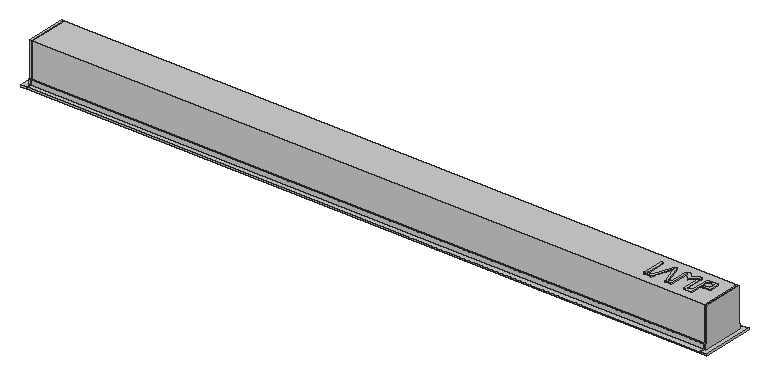
Revit family "LAMP_FIL 70 PRISMATIC RECESSED", category Luminarias, Revit 2015
Parameters (values of type "1162MM 2600LM 3000K GREY")
  Ángulo de inclinación = 90.00°
  Weight = 2.767 kg
  Wattage = 19.4 W
  UniClass 2.0 Descripción = ""
  UniClass 2.0 Code = Product code  # "F71RE120LOPR830NG\r\nF71RE120LOPR830NG"
  UniClass 1.4 Descripción = ""
  UniClass 1.4 Code = Product code  # "F71RE120LOPR830NG\r\nF71RE120LOPR830NG"
  Type = "MID POWER PHILIPS"
  Recessed dimensions = "1174 x 78 x 85 mm"
  built-in parameter 1150110 = 1 (stored number, unit not read)
  Protection rating = "IP42, IK06"
  Product datasheet = "https://www.lamp.es/product-files/TECH/F71RE120LOPR830NG-EN.pdf"
  Product code = "F71RE120LOPR830NG\r\nF71RE120LOPR830NG"
  Product URL = "https://www.lamp.es/en/family/fil-70_33399"
  Power Supply = "220-240V 50-60Hz"
  Power = 17 W
  Plum = 19.2 W
  Omniclass Descripción = ""
  OmniClass Code = ""
  NO COVER 2 [instance] = not(END COVER 2)  # no
  NO COVER 1 [instance] = not(END COVER 1)  # no
  Modelo = Product code  # "F71RE120LOPR830NG\r\nF71RE120LOPR830NG"
  Model explanation = "Availability of switching between accessories through visibility parameters when placed in a project."
  Material Perfil = LAMP_Aluminio Perfil Fil GR
  Material Difusor = LAMP_PC Difusor Prismático Fil
  Manufacturer name = "LAMP"
  Manufacturer country = "Spain"
  Manufacturer URL = "http://www.lamp.es/en"
  MacAdam = "3"
  Lámpara = "LED MID-POWER"
  Luminaire type = "Indoor - Modular System"
  Longitud = 1162.00 mm
  Last update = "14/08/2020"
  LED Lifetime = "50.000 L80 B10"
  Insulation class = "I"
  Installation instructions = "https://www.lamp.es/product-files/INS/1002960-J-INSTR.%20ESTRUCTURA%20FIL%2070.pdf"
  IFC Clasificación = "Light Fixture"
  IEE = "A+"
  Gear = "Electronic"
  Finish = "Gloss grey"
  built-in parameter 1114217 = 1 (stored number, unit not read)
  built-in parameter 1150109 = 1 (stored number, unit not read)
  Fabricante = Manufacturer name  # "LAMP"
  Efficacy = 114.4 lm/W
  END COVER 2 [instance] = yes
  END COVER 1 [instance] = yes
  Dimensions = "1162 x 89 x 70 mm"
  Descripción = "FIL 70 PRISM REC 2600 WW GR."
  Comentarios de tipo = Model explanation  # "Availability of switching between accessories through visibility parameters when placed in a project."
  built-in parameter 1150134 = (empty or 0)
  built-in parameter 1150113 = 1 (stored number, unit not read)
  Lumens = 2219.36 lm
  built-in parameter 1150115 = 1 (stored number, unit not read)
  built-in parameter 1150105 = 176.61 (stored number, unit not read)
  built-in parameter 1150137 = (empty or 0)
  built-in parameter 1150139 = (empty or 0)
  built-in parameter 1150112 = 1 (stored number, unit not read)
  built-in parameter 1150114 = 1 (stored number, unit not read)
  built-in parameter 1150132 = 2
  built-in parameter 1150102 = (empty or 0)
  built-in parameter 1150138 = (empty or 0)
  built-in parameter 1150107 = 3000 (stored number, unit not read)
  built-in parameter 1150106 = 1.7661 (stored number, unit not read)
  Emit from Line Length = Longitud  # 1162.00 mm
  built-in parameter 1150104 = 10.628 (stored number, unit not read)
  Dimming Lamp Color Temperature Shift = (empty or 0)
  Color Filter = 16777215
  built-in parameter 1114218 = 1 (stored number, unit not read)
  CRI = "80"
  CORNER 2 RIGHT [instance] = and(NO COVER 2, ACC CORNER 2, not(CORNER 2 LEFT))  # no
  CORNER 2 LEFT [instance] = and(NO COVER 2, ACC CORNER 2, CHANGE SIDE CORNER 2)  # no
  CORNER 1 RIGHT [instance] = and(NO COVER 1, ACC CORNER 1, not(CORNER 1 LEFT))  # no
  CORNER 1 LEFT [instance] = and(NO COVER 1, ACC CORNER 1, CHANGE SIDE CORNER 1)  # no
  CHANGE SIDE CORNER 2 [instance] = no
  CHANGE SIDE CORNER 1 [instance] = no
  Archivo de red fotométrica = "14741703.IES"
  ACC CORNER 2 [instance] = no
  ACC CORNER 1 [instance] = no
  built-in parameter 1150133 = 10 (stored number, unit not read)
Types (17, lengths in mm): name | Weight | Wattage | UniClass 2.0 Code | UniClass 1.4 Code | Recessed dimensions | Product datasheet | Product code | Power | Plum | Modelo | Material Perfil | Longitud | Finish | Efficacy | Dimensions | Descripción | built-in parameter 1150134 | Lumens | built-in parameter 1150105 | built-in parameter 1150107 | built-in parameter 1150106 | Emit from Line Length | built-in parameter 1150104 | Archivo de red fotométrica
  (no name) | 2.767 kg | 19.4 W | "F71RE120LOPR830NG\r\nF71RE120LOPR830NG" | "F71RE120LOPR830NG\r\nF71RE120LOPR830NG" | "1174 x 78 x 85 mm" | "https://www.lamp.es/product-files/TECH/F71RE120LOPR830NG-EN.pdf" | "F71RE120LOPR830NG\r\nF71RE120LOPR830NG" | 17 W | 19.2 W | "F71RE120LOPR830NG\r\nF71RE120LOPR830NG" | LAMP_Aluminio Perfil Fil GR | 1162.00 | "Gloss grey" | 114.4 lm/W | "1162 x 89 x 70 mm" | "FIL 70 PRISM REC 2600 WW GR." | (empty or 0) | 2219.36 lm | 176.61 (stored number, unit not read) | 3000 (stored number, unit not read) | 1.7661 (stored number, unit not read) | 1162.00 | 10.628 (stored number, unit not read) | "14741703.IES"
  1162MM 2600LM 3000K WHITE | 2.767 kg | 19.4 W | "F71RE120LOPR830NW" | "F71RE120LOPR830NW" | "1174 x 78 x 85 mm" | "https://www.lamp.es/product-files/TECH/F71RE120LOPR830NW-EN.pdf" | "F71RE120LOPR830NW" | 17 W | 19.2 W | "F71RE120LOPR830NW" | LAMP_Aluminio Perfil Fil BL | 1162.00 | "Matt white" | 114.4 lm/W | "1162 x 89 x 70 mm" | "FIL 70 PRISM REC 2600 WW WH." | (empty or 0) | 2219.36 lm | 176.61 (stored number, unit not read) | 3000 (stored number, unit not read) | 1.7661 (stored number, unit not read) | 1162.00 | 10.628 (stored number, unit not read) | "14741700.IES"
  1162MM 2600LM 3000K GREY | 2.767 kg | 19.4 W | "F71RE120LOPR830NG\r\nF71RE120LOPR830NG" | "F71RE120LOPR830NG\r\nF71RE120LOPR830NG" | "1174 x 78 x 85 mm" | "https://www.lamp.es/product-files/TECH/F71RE120LOPR830NG-EN.pdf" | "F71RE120LOPR830NG\r\nF71RE120LOPR830NG" | 17 W | 19.2 W | "F71RE120LOPR830NG\r\nF71RE120LOPR830NG" | LAMP_Aluminio Perfil Fil GR | 1162.00 | "Gloss grey" | 114.4 lm/W | "1162 x 89 x 70 mm" | "FIL 70 PRISM REC 2600 WW GR." | (empty or 0) | 2219.36 lm | 176.61 (stored number, unit not read) | 3000 (stored number, unit not read) | 1.7661 (stored number, unit not read) | 1162.00 | 10.628 (stored number, unit not read) | "14741703.IES"
  1162MM 2600LM 4000K WHITE | 2.767 kg | 19.4 W | "F71RE120LOPR840NW" | "F71RE120LOPR840NW" | "1174 x 78 x 85 mm" | "https://www.lamp.es/product-files/TECH/F71RE120LOPR840NW-EN.pdf" | "F71RE120LOPR840NW" | 17 W | 19.2 W | "F71RE120LOPR840NW" | LAMP_Aluminio Perfil Fil BL | 1162.00 | "Matt white" | 118.6 lm/W | "1162 x 89 x 70 mm" | "FIL 70 OPAL REC 2600 NW WH." | 12 | 2300.84 lm | 183.1 (stored number, unit not read) | 4000 (stored number, unit not read) | 1.831 (stored number, unit not read) | 1162.00 | 11.018 (stored number, unit not read) | "14740700.IES"
  1162MM 2600LM 4000K GREY | 2.767 kg | 19.4 W | "F71RE120LOPR840NG" | "F71RE120LOPR840NG" | "1174 x 78 x 85 mm" | "https://www.lamp.es/product-files/TECH/F71RE120LOPR840NG-EN.pdf" | "F71RE120LOPR840NG" | 17 W | 19.2 W | "F71RE120LOPR840NG" | LAMP_Aluminio Perfil Fil GR | 1162.00 | "Gloss grey" | 118.6 lm/W | "1162 x 89 x 70 mm" | "FIL 70 PRISM REC 2600 NW GR." | 12 | 2300.84 lm | 183.1 (stored number, unit not read) | 4000 (stored number, unit not read) | 1.831 (stored number, unit not read) | 1162.00 | 11.018 (stored number, unit not read) | "14740703.IES"
  1162MM 4400LM 3000K WHITE | 2.767 kg | 29.9 W | "F71RE120HOPR830NW" | "F71RE120HOPR830NW" | "1174 x 78 x 85 mm" | "https://www.lamp.es/product-files/TECH/F71RE120HOPR830NW-EN.pdf" | "F71RE120HOPR830NW" | 28 W | 30.7 W | "F71RE120HOPR830NW" | LAMP_Aluminio Perfil Fil BL | 1162.00 | "Matt white" | 117.3 lm/W | "1162 x 89 x 70 mm" | "FIL 70 PRISM REC 4400 WW WH." | (empty or 0) | 3507.27 lm | 279.1 (stored number, unit not read) | 3000 (stored number, unit not read) | 2.791 (stored number, unit not read) | 1162.00 | 10.898 (stored number, unit not read) | "14741710.IES"
  1162MM 4400LM 3000K GREY | 2.767 kg | 29.9 W | "F71RE120HOPR830NG" | "F71RE120HOPR830NG" | "1174 x 78 x 85 mm" | "https://www.lamp.es/product-files/TECH/F71RE120HOPR830NG-EN.pdf" | "F71RE120HOPR830NG" | 28 W | 30.7 W | "F71RE120HOPR830NG" | LAMP_Aluminio Perfil Fil GR | 1162.00 | "Gloss grey" | 117.3 lm/W | "1162 x 89 x 70 mm" | "FIL 70 PRISM REC 4400 WW GR." | (empty or 0) | 3507.27 lm | 279.1 (stored number, unit not read) | 3000 (stored number, unit not read) | 2.791 (stored number, unit not read) | 1162.00 | 10.898 (stored number, unit not read) | "14741713.IES"
  1162MM 4400LM 4000K WHITE | 2.767 kg | 29.9 W | "F71RE120HOPR840NW" | "F71RE120HOPR840NW" | "1174 x 78 x 85 mm" | "https://www.lamp.es/product-files/TECH/F71RE120HOPR840NW-EN.pdf" | "F71RE120HOPR840NW" | 28 W | 30.7 W | "F71RE120HOPR840NW" | LAMP_Aluminio Perfil Fil BL | 1162.00 | "Matt white" | 121.6 lm/W | "1162 x 89 x 70 mm" | "FIL 70 PRISM REC 4400 NW WH." | 12 | 3635.84 lm | 289.33 (stored number, unit not read) | 4000 (stored number, unit not read) | 2.8933 (stored number, unit not read) | 1162.00 | 11.297 (stored number, unit not read) | "14740710.IES"
  1162MM 4400LM 4000K GREY | 2.767 kg | 29.9 W | "F71RE120HOPR840NG" | "F71RE120HOPR840NG" | "1174 x 78 x 85 mm" | "https://www.lamp.es/product-files/TECH/F71RE120HOPR840NG-EN.pdf" | "F71RE120HOPR840NG" | 28 W | 30.7 W | "F71RE120HOPR840NG" | LAMP_Aluminio Perfil Fil GR | 1162.00 | "Gloss grey" | 121.6 lm/W | "1162 x 89 x 70 mm" | "FIL 70 PRISM REC 4400 NW GR." | 12 | 3635.84 lm | 289.33 (stored number, unit not read) | 4000 (stored number, unit not read) | 2.8933 (stored number, unit not read) | 1162.00 | 11.297 (stored number, unit not read) | "14740713.IES"
  1743MM 3900LM 3000K WHITE | 4.426 kg | 26.8 W | "F71RE170LOPR830NW" | "F71RE170LOPR830NW" | "1755 x 78 x 85 mm" | "https://www.lamp.es/product-files/TECH/F71RE170LOPR830NW-EN.pdf" | "F71RE170LOPR830NW" | 25 W | 29.7 W | "F71RE170LOPR830NW" | LAMP_Aluminio Perfil Fil BL | 1743.00 | "Matt white" | 124.2 lm/W | "1743 x 89 x 70 mm" | "FIL 70 PRISM REC 3900 WW WH." | (empty or 0) | 3328.56 lm | 264.88 (stored number, unit not read) | 3000 (stored number, unit not read) | 2.6488 (stored number, unit not read) | 1743.00 | 11.539 (stored number, unit not read) | "14741720.IES"
  1743MM 3900LM 3000K GREY | 4.426 kg | 26.8 W | "F71RE170LOPR830NG" | "F71RE170LOPR830NG" | "1755 x 78 x 85 mm" | "https://www.lamp.es/product-files/TECH/F71RE170LOPR830NG-EN.pdf" | "F71RE170LOPR830NG" | 25 W | 29.7 W | "F71RE170LOPR830NG" | LAMP_Aluminio Perfil Fil GR | 1743.00 | "Gloss grey" | 124.2 lm/W | "1743 x 89 x 70 mm" | "FIL 70 PRISM REC 3900 WW GR." | (empty or 0) | 3328.56 lm | 264.88 (stored number, unit not read) | 3000 (stored number, unit not read) | 2.6488 (stored number, unit not read) | 1743.00 | 11.539 (stored number, unit not read) | "14741723.IES"
  1743MM 3900LM 4000K WHITE | 4.426 kg | 26.8 W | "F71RE170LOPR840NW" | "F71RE170LOPR840NW" | "1755 x 78 x 85 mm" | "https://www.lamp.es/product-files/TECH/F71RE170LOPR840NW-EN.pdf" | "F71RE170LOPR840NW" | 25 W | 29.7 W | "F71RE170LOPR840NW" | LAMP_Aluminio Perfil Fil BL | 1743.00 | "Matt white" | 128.7 lm/W | "1743 x 89 x 70 mm" | "FIL 70 PRISM REC 3900 NW WH." | 12 | 3449.16 lm | 274.48 (stored number, unit not read) | 4000 (stored number, unit not read) | 2.7448 (stored number, unit not read) | 1743.00 | 11.957 (stored number, unit not read) | "14740720.IES"
  1743MM 3900LM 4000K GREY | 4.426 kg | 29.9 W | "F71RE170LOPR840NG" | "F71RE170LOPR840NG" | "1755 x 78 x 85 mm" | "https://www.lamp.es/product-files/TECH/F71RE170LOPR830NW-EN.pdf" | "F71RE170LOPR840NG" | 25 W | 29.7 W | "F71RE170LOPR840NG" | LAMP_Aluminio Perfil Fil GR | 1743.00 | "Gloss grey" | 128.7 lm/W | "1743 x 89 x 70 mm" | "FIL 70 PRISM REC 3900 NW GR." | 12 | 3848.13 lm | 306.22 (stored number, unit not read) | 4000 (stored number, unit not read) | 3.0622 (stored number, unit not read) | 1743.00 | 11.957 (stored number, unit not read) | "14740723.IES"
  1743MM 6600LM 3000K WHITE | 4.426 kg | 42.8 W | "F71RE170HOPR830NW" | "F71RE170HOPR830NW" | "1755 x 78 x 85 mm" | "https://www.lamp.es/product-files/TECH/F71RE170HOPR830NW-EN.pdf" | "F71RE170HOPR830NW" | 41 W | 45.8 W | "F71RE170HOPR830NW" | LAMP_Aluminio Perfil Fil BL | 1743.00 | "Matt white" | 122.9 lm/W | "1743 x 89 x 70 mm" | "FIL 70 PRISM REC 6600 WW WH." | (empty or 0) | 5260.12 lm | 418.59 (stored number, unit not read) | 3000 (stored number, unit not read) | 4.1859 (stored number, unit not read) | 1743.00 | 11.418 (stored number, unit not read) | "14741730.IES"
  1743MM 6600LM 3000K GREY | 4.426 kg | 42.8 W | "F71RE170HOPR830NG" | "F71RE170HOPR830NG" | "1755 x 78 x 85 mm" | "https://www.lamp.es/product-files/TECH/F71RE170HOPR830NG-EN.pdf" | "F71RE170HOPR830NG" | 41 W | 45.8 W | "F71RE170HOPR830NG" | LAMP_Aluminio Perfil Fil GR | 1743.00 | "Gloss grey" | 122.9 lm/W | "1743 x 89 x 70 mm" | "FIL 70 PRISM REC 6600 WW GR." | (empty or 0) | 5260.12 lm | 418.59 (stored number, unit not read) | 3000 (stored number, unit not read) | 4.1859 (stored number, unit not read) | 1743.00 | 11.418 (stored number, unit not read) | "14741733.IES"
  1743MM 6600LM 4000K WHITE | 4.426 kg | 42.8 W | "F71RE170HOPR840NW" | "F71RE170HOPR840NW" | "1755 x 78 x 85 mm" | "https://www.lamp.es/product-files/TECH/F71RE170HOPR840NW-EN.pdf" | "F71RE170HOPR840NW" | 41 W | 45.8 W | "F71RE170HOPR840NW" | LAMP_Aluminio Perfil Fil BL | 1743.00 | "Matt white" | 127.4 lm/W | "1743 x 89 x 70 mm" | "FIL 70 PRISM REC 6600 NW WH." | 12 | 5452.72 lm | 433.91 (stored number, unit not read) | 4000 (stored number, unit not read) | 4.3391 (stored number, unit not read) | 1743.00 | 11.836 (stored number, unit not read) | "14740730.IES"
  1743MM 6600LM 4000K GREY | 4.426 kg | 42.8 W | "F71RE170HOPR840NG" | "F71RE170HOPR840NG" | "1755 x 78 x 85 mm" | "https://www.lamp.es/product-files/TECH/F71RE170HOPR840NG-EN.pdf" | "F71RE170HOPR840NG" | 41 W | 45.8 W | "F71RE170HOPR840NG" | LAMP_Aluminio Perfil Fil GR | 1743.00 | "Gloss grey" | 127.4 lm/W | "1743 x 89 x 70 mm" | "FIL 70 PRISM REC 6600 NW GR." | 12 | 5452.72 lm | 433.91 (stored number, unit not read) | 4000 (stored number, unit not read) | 4.3391 (stored number, unit not read) | 1743.00 | 11.836 (stored number, unit not read) | "14740733.IES"
Reference planes
  plane 1 "Eje de origen de luz (F/P)": y = 0
  plane 2 "Techo": z = 2438.4
  plane 3 "Eje de origen de luz (I/D)": x = 0
  plane 4 "Elevación de origen de luz": z = 2438.398
  plane 5: x = 1162
  plane 6: z = 2398.4
  plane 7 "Centro origen de luz": x = 581
Forms (mm)
  Extrusion 1, solid, material "LAMP_Aluminio Perfil Fil GR" <- "Material Perfil"
    sketch origin (0, 0, 200.882) x (0, 1, 0) y (0, 0, 1)
      loop
        line (45, 2237.518) -> (36.5, 2237.518) -> (36.5, 2245.533) -> (35, 2246.469) -> (35, 2305.033) -> (-35, 2305.033) -> (-35, 2246.469) -> (-36.5, 2245.533) -> (-36.5, 2237.518) -> (-45, 2237.518) -> (-45, 2235.033) -> (-34.402, 2235.033) -> (-34.402, 2237.518) -> (34.396, 2237.518) -> (34.396, 2235.033) -> (45, 2235.033) -> (45, 2237.518)
    from 0 to 1162
  Extrusion 2, solid, material "LAMP_PC Difusor Prismático Fil" <- "Material Difusor"
    sketch origin (0, 0, 198.4) x (0, 1, 0) y (0, 0, 1)
      loop
        line (-34.402, 2240) -> (-34.402, 2237.516) -> (34.396, 2237.516) -> (34.396, 2240) -> (-34.402, 2240)
    from 0 to 1162
  Extrusion 3, solid, material "LAMP_Aluminio Perfil Fil GR" <- "Material Perfil"
    sketch origin (15.008, 0, 2441.098) x (0, -1, 0) y (1, 0, 0)
      loop
        arc (17.275, 1028.459) -> (18.554, 1028.989) -> (19.083, 1030.268) r 1.808
        line (19.083, 1030.268) -> (19.083, 1041.281)
        arc (19.083, 1041.281) -> (18.734, 1042.373) -> (17.815, 1043.058) r 1.88
        line (17.815, 1043.058) -> (-14.196, 1054.073) -> (17.64, 1065.027)
        arc (17.64, 1065.027) -> (18.502, 1065.671) -> (18.83, 1066.695) r 1.764
        line (18.83, 1066.695) -> (18.83, 1074.628)
        arc (18.83, 1074.628) -> (18.312, 1075.878) -> (17.062, 1076.396) r 1.768
        line (17.062, 1076.396) -> (-14.398, 1076.396) -> (-4.438, 1086.355) -> (-14.398, 1096.315) -> (17.367, 1096.315)
        arc (17.367, 1096.315) -> (18.58, 1096.818) -> (19.083, 1098.032) r 1.717
        line (19.083, 1098.032) -> (19.083, 1110.348)
        arc (19.083, 1110.348) -> (18.539, 1111.662) -> (17.225, 1112.206) r 1.858
        line (17.225, 1112.206) -> (-12.857, 1112.206)
        arc (-12.857, 1112.206) -> (-14.127, 1112.732) -> (-14.653, 1114.002) r 1.796
        line (-14.653, 1114.002) -> (-14.653, 1122.357)
        arc (-14.653, 1122.357) -> (-14.111, 1123.664) -> (-12.803, 1124.206) r 1.849
        line (-12.803, 1124.206) -> (-6.491, 1124.206)
        arc (-6.491, 1124.206) -> (-5.191, 1123.668) -> (-4.653, 1122.368) r 1.838
        line (-4.653, 1122.368) -> (-4.653, 1114.675)
        arc (-4.653, 1114.675) -> (-2.653, 1112.675) -> (-0.653, 1114.675) r 2
        line (-0.653, 1114.675) -> (-0.653, 1126.413)
        arc (-0.653, 1126.413) -> (-1.178, 1127.681) -> (-2.446, 1128.206) r 1.793
        line (-2.446, 1128.206) -> (-16.771, 1128.206)
        arc (-16.771, 1128.206) -> (-18.102, 1127.655) -> (-18.653, 1126.324) r 1.882
        line (-18.653, 1126.324) -> (-18.653, 1110.064)
        arc (-18.653, 1110.064) -> (-18.109, 1108.75) -> (-16.795, 1108.206) r 1.858
        line (-16.795, 1108.206) -> (13.276, 1108.206)
        arc (13.276, 1108.206) -> (14.59, 1107.662) -> (15.135, 1106.347) r 1.859
        line (15.135, 1106.347) -> (15.135, 1102.233)
        arc (15.135, 1102.233) -> (14.593, 1100.926) -> (13.286, 1100.384) r 1.849
        line (13.286, 1100.384) -> (-14.97, 1100.384)
        arc (-14.97, 1100.384) -> (-19.003, 1097.483) -> (-17.533, 1092.737) r 4.253
        line (-17.533, 1092.737) -> (-11.151, 1086.355) -> (-17.533, 1079.973)
        arc (-17.533, 1079.973) -> (-19.003, 1075.228) -> (-14.97, 1072.326) r 4.253
        line (-14.97, 1072.326) -> (12.834, 1072.326)
        arc (12.834, 1072.326) -> (15.098, 1070.41) -> (13.581, 1067.861) r 2.295
        line (13.581, 1067.861) -> (-16.097, 1057.655)
        arc (-16.097, 1057.655) -> (-18.653, 1054.073) -> (-16.097, 1050.491) r 3.788
        line (-16.097, 1050.491) -> (13.877, 1040.183)
        arc (13.877, 1040.183) -> (14.788, 1039.503) -> (15.135, 1038.42) r 1.864
        line (15.135, 1038.42) -> (15.135, 1034.236)
        arc (15.135, 1034.236) -> (14.614, 1032.98) -> (13.358, 1032.459) r 1.777
        line (13.358, 1032.459) -> (-16.865, 1032.459)
        arc (-16.865, 1032.459) -> (-18.865, 1030.459) -> (-16.865, 1028.459) r 2
        line (-16.865, 1028.459) -> (17.275, 1028.459)
    from 64.818 to 65.82
Text (mm)
  text "Any modification of the parameters and properties of the LAMP BIM models must be executed and validated by the LAMP technical department.\n\nPhone: +34 93 736 68 00\n\nE-mail: lamp@lamp.es\n\n\n\nLAMP reserves the right to modify the technical specifications of its products." at (1415.159, -174.484, 2000.868), in view "Preview"
Dimensions and locks
  equal spacing: host sketch curve, plane 3 "Eje de origen de luz (I/D)", host sketch curve
  equal spacing: host sketch curve, plane 1 "Eje de origen de luz (F/P)", host sketch curve
  host sketch curve to host sketch curve = 3952.00 mm
  host sketch curve to host sketch curve = 3048.00 mm
  "Longitud": plane 3 "Eje de origen de luz (I/D)" to plane 5
  Extrusion 2 sketch curve to imposter light = 0.002 mm
  locked: plane 2 "Techo" to plane 6 at 40
  equal spacing: plane 3 "Eje de origen de luz (I/D)", plane 7 "Centro origen de luz", plane 5
  aligned and locked: plane 1 "Eje de origen de luz (F/P)" to imposter light
  aligned and locked: plane 4 "Elevación de origen de luz" to imposter light
  aligned and locked: plane 5 to Extrusion 2
  aligned and locked: plane 5 to Extrusion 1
  aligned and locked: Extrusion 2 to plane 3 "Eje de origen de luz (I/D)"
  aligned and locked: Extrusion 1 to plane 3 "Eje de origen de luz (I/D)"
  aligned and locked: imposter light to plane 7 "Centro origen de luz"
  aligned and locked: Extrusion 2 to Extrusion 1  (x2)
  aligned and locked: plane 3 "Eje de origen de luz (I/D)" to nested 2
  aligned and locked: plane 5 to nested 1
  aligned and locked: plane 5 to nested 3
  aligned and locked: plane 3 "Eje de origen de luz (I/D)" to nested 4
  aligned and locked: nested 5 to plane 5
  aligned and locked: nested 6 to plane 3 "Eje de origen de luz (I/D)"
  aligned and locked: Extrusion 3 to Extrusion 1
Automatic sketch dimensions
  Extrusion 1 sketch curve to plane 2 "Techo" = 0.00 mm  (x3)
  plane 4 "Elevación de origen de luz" to Extrusion 1 sketch curve = 2.482 mm  (x2)
  plane 1 "Eje de origen de luz (F/P)" to Extrusion 1 sketch curve = 45.00 mm
  plane 2 "Techo" to Extrusion 1 sketch curve = 8.016 mm  (x2)
  Extrusion 1 sketch curve to Extrusion 1 sketch curve = 8.50 mm  (x2)
  plane 2 "Techo" to Extrusion 1 sketch curve = 8.952 mm
  Extrusion 1 sketch curve to Extrusion 1 sketch curve = 1.50 mm
  Extrusion 1 sketch curve to Extrusion 1 sketch curve = 2.098 mm
  Extrusion 1 sketch curve to plane 1 "Eje de origen de luz (F/P)" = 34.396 mm
  Extrusion 1 sketch curve to Extrusion 1 sketch curve = 0.604 mm
  Extrusion 1 sketch curve to Extrusion 1 sketch curve = 2.104 mm
  Extrusion 1 sketch curve to Extrusion 1 sketch curve = 0.936 mm
  Extrusion 1 sketch curve to Extrusion 1 sketch curve = 58.564 mm
  plane 4 "Elevación de origen de luz" to Extrusion 2 sketch curve = 2.482 mm
  plane 1 "Eje de origen de luz (F/P)" to Extrusion 2 sketch curve = 34.402 mm
  Extrusion 2 sketch curve to plane 1 "Eje de origen de luz (F/P)" = 34.396 mm
  Extrusion 3 sketch curve to plane 1 "Eje de origen de luz (F/P)" = 18.653 mm
  Extrusion 3 sketch curve to Extrusion 3 sketch curve = 1.119 mm
  Extrusion 3 sketch curve to Extrusion 3 sketch curve = 0.00 mm  (x4)
  Extrusion 3 sketch curve to plane 1 "Eje de origen de luz (F/P)" = 16.865 mm
  Extrusion 3 sketch curve to Extrusion 3 sketch curve = 1.858 mm  (x2)
  Extrusion 3 sketch curve to Extrusion 3 sketch curve = 1.882 mm
  Extrusion 3 sketch curve to plane 1 "Eje de origen de luz (F/P)" = 16.097 mm
  Extrusion 3 sketch curve to Extrusion 3 sketch curve = 1.824 mm
  Extrusion 3 sketch curve to Extrusion 3 sketch curve = 2.563 mm
  Extrusion 3 sketch curve to Extrusion 3 sketch curve = 1.232 mm
  Extrusion 3 sketch curve to Extrusion 3 sketch curve = 2.118 mm  (x2)
  Extrusion 3 sketch curve to Extrusion 3 sketch curve = 0.572 mm  (x2)
  Extrusion 3 sketch curve to Extrusion 3 sketch curve = 0.669 mm
  Extrusion 3 sketch curve to Extrusion 3 sketch curve = 1.796 mm
  Extrusion 3 sketch curve to Extrusion 3 sketch curve = 1.849 mm  (x2)
  Extrusion 3 sketch curve to Extrusion 3 sketch curve = 6.382 mm  (x2)
  Extrusion 3 sketch curve to Extrusion 3 sketch curve = 6.313 mm
  Extrusion 3 sketch curve to plane 1 "Eje de origen de luz (F/P)" = 4.653 mm
  Extrusion 3 sketch curve to plane 1 "Eje de origen de luz (F/P)" = 4.438 mm
  Extrusion 3 sketch curve to Extrusion 3 sketch curve = 2.00 mm  (x2)
  Extrusion 3 sketch curve to Extrusion 3 sketch curve = 1.793 mm
  plane 1 "Eje de origen de luz (F/P)" to Extrusion 3 sketch curve = 12.834 mm
  plane 1 "Eje de origen de luz (F/P)" to Extrusion 3 sketch curve = 13.27 mm
  plane 1 "Eje de origen de luz (F/P)" to Extrusion 3 sketch curve = 13.276 mm
  Extrusion 3 sketch curve to Extrusion 3 sketch curve = 0.01 mm
  Extrusion 3 sketch curve to Extrusion 3 sketch curve = 0.087 mm
  Extrusion 3 sketch curve to Extrusion 3 sketch curve = 0.746 mm
  Extrusion 3 sketch curve to Extrusion 3 sketch curve = 0.606 mm
  Extrusion 3 sketch curve to Extrusion 3 sketch curve = 1.777 mm
  Extrusion 3 sketch curve to Extrusion 3 sketch curve = 4.228 mm
  Extrusion 3 sketch curve to Extrusion 3 sketch curve = 3.485 mm
  Extrusion 3 sketch curve to Extrusion 3 sketch curve = 3.327 mm
  Extrusion 3 sketch curve to Extrusion 3 sketch curve = 3.949 mm
  Extrusion 3 sketch curve to Extrusion 3 sketch curve = 3.917 mm
  Extrusion 3 sketch curve to Extrusion 3 sketch curve = 4.08 mm
  Extrusion 3 sketch curve to Extrusion 3 sketch curve = 0.574 mm
  Extrusion 3 sketch curve to Extrusion 3 sketch curve = 0.612 mm
  Extrusion 3 sketch curve to Extrusion 3 sketch curve = 1.764 mm
  Extrusion 3 sketch curve to Extrusion 3 sketch curve = 1.88 mm
  Extrusion 3 sketch curve to plane 5 = 118.532 mm
  Extrusion 3 sketch curve to Extrusion 3 sketch curve = 4.184 mm
  Extrusion 3 sketch curve to Extrusion 3 sketch curve = 2.861 mm
  Extrusion 3 sketch curve to Extrusion 3 sketch curve = 18.032 mm
  Extrusion 3 sketch curve to Extrusion 3 sketch curve = 3.582 mm
  Extrusion 3 sketch curve to Extrusion 3 sketch curve = 21.969 mm
  Extrusion 3 sketch curve to Extrusion 3 sketch curve = 1.166 mm
  Extrusion 3 sketch curve to Extrusion 3 sketch curve = 2.17 mm
  Extrusion 3 sketch curve to Extrusion 3 sketch curve = 2.302 mm
  Extrusion 3 sketch curve to Extrusion 3 sketch curve = 0.184 mm  (x2)
  Extrusion 3 sketch curve to Extrusion 3 sketch curve = 4.114 mm
  Extrusion 3 sketch curve to Extrusion 3 sketch curve = 2.142 mm
  Extrusion 3 sketch curve to Extrusion 3 sketch curve = 0.673 mm
  Extrusion 3 sketch curve to Extrusion 3 sketch curve = 8.355 mm
Nested families
  nested 1: "LAMP_FIL + ACC END COVER RECESSED" at (1162, 0, 2435.916), Material <- "Material Perfil", visible <- "END COVER 1", type "GREY"
    with Material LAMP_Aluminio Perfil Fil GR
  nested 2: "LAMP_FIL + ACC END COVER RECESSED" at (0, 0, 2435.916) x (-1, 0, 0) z (0, 0, 1), Material <- "Material Perfil", visible <- "END COVER 2", type "GREY"
    with Material LAMP_Aluminio Perfil Fil GR
  nested 3: "LAMP_FIL + LED ACC RECESSED 90º CORNER" at (1162, 44.5, -1561.6), Material <- "Material Perfil", visible <- "CORNER 1 RIGHT", type "GREY"
    with Material LAMP_Aluminio Perfil Fil GR
  nested 4: "LAMP_FIL + LED ACC RECESSED 90º CORNER" at (0, 44.5, -1561.6) x (-1, 0, 0) z (0, 0, 1), Material <- "Material Perfil", visible <- "CORNER 2 RIGHT", type "GREY"
    with Material LAMP_Aluminio Perfil Fil GR
  nested 5: "LAMP_FIL + LED ACC RECESSED 90º CORNER" at (1262, 55.5, -1561.6) x (0, -1, 0) z (0, 0, 1), Material <- "Material Perfil", visible <- "CORNER 1 LEFT", type "GREY"
    with Material LAMP_Aluminio Perfil Fil GR
  nested 6: "LAMP_FIL + LED ACC RECESSED 90º CORNER" at (-100, 55.5, -1561.6) x (0, -1, 0) z (0, 0, 1), Material <- "Material Perfil", visible <- "CORNER 2 LEFT", type "GREY"
    with Material LAMP_Aluminio Perfil Fil GR
Connectors
  electrical at (20, 0, 2505.916)
    settings: on Extrusion 1, index 1, voltage 240 V, apparent load 0 VA, apparent load phase1 0 VA, apparent load phase2 0 VA, apparent load phase3 0 VA, power factor 1, load classification "Iluminación", number of poles 1, system type 31, power factor state 1, is connector primary yes, connector utility no, sub classification motor no, connector description ""
Definition of nested family "LAMP_FIL + ACC END COVER RECESSED"
  Parameters (values of type "WHITE")
    Weight = 0.049 kg
    Product datasheet = "http://www.lamp.es/product-files/TECH/4700680-EN.pdf"
    Product code = "4700680\r\n4700680\r\n4700680\r\n4700680"
    Model = Product code  # "4700680\r\n4700680\r\n4700680\r\n4700680"
    Material [instance] = none
    Manufacturer name = "LAMP"
    Manufacturer country = "Spain"
    Manufacturer URL = "http://www.lamp.es/en"
    Luminaire type = "Assembly"
    Last update = "09/05/2018"
    Installation instructions = ""
    Finish = "Matt white"
    Manufacturer = Manufacturer name  # "LAMP"
    Description = "FIL + ACC. REC END COVER WH."
  Types (3, lengths in mm): name | Product datasheet | Product code | Model | Finish | Description
    (no name) | "http://www.lamp.es/product-files/TECH/4700680-EN.pdf" | "4700680\r\n4700680\r\n4700680\r\n4700680" | "4700680\r\n4700680\r\n4700680\r\n4700680" | "Matt white" | "FIL + ACC. REC END COVER WH."
    GREY | "http://www.lamp.es/product-files/TECH/4700683-EN.pdf" | "4700683" | "4700683" | "Gloss grey" | "FIL + ACC. REC END COVER GR."
    WHITE | "http://www.lamp.es/product-files/TECH/4700680-EN.pdf" | "4700680\r\n4700680\r\n4700680\r\n4700680" | "4700680\r\n4700680\r\n4700680\r\n4700680" | "Matt white" | "FIL + ACC. REC END COVER WH."
  Reference planes
    plane 1 "Centro (Frontal/Posterior)": y = 0
    plane 2: z = 0
    plane 3 "Centro (Izquierda/Derecha)": x = 0
  Forms (mm)
    Extrusion 1, solid, material <- "Material"
      sketch origin (0, 0, 0) x (1, 0, 0) y (0, 0, 1)
        loop
          line (0, 0) -> (11, 0) -> (11, 2.5) -> (3, 2.5) -> (3, 70) -> (0, 70) -> (0, 0)
      from 45 to -45
    Extrusion 2, void
      sketch origin (0, -11, 0) x (0, -1, 0) y (0, 0, -1)
        loop
          line (34, -2.5) -> (25.5, -2.5) -> (25.5, -10.5) -> (24, -11.436) -> (24, -71.895) -> (34, -71.895) -> (34, -2.5)
      from 3 to 0
    Extrusion 3, void
      sketch origin (0, 11, 0) x (0, 1, 0) y (0, 0, 1)
        loop
          line (34, 2.5) -> (34, 71.895) -> (24, 71.895) -> (24, 11.436) -> (25.5, 10.5) -> (25.5, 2.5) -> (34, 2.5)
      from 3 to 0
  Cuts and joins
    Extrusion 2, Extrusion 3 cuts Extrusion 1
  Text (mm)
    text "Any modification of the parameters and properties of the LAMP BIM models must be executed and validated by the LAMP technical department.\n\nPhone: +34 93 736 68 00\n\nE-mail: lamp@lamp.es\n\n\n\nLAMP reserves the right to modify the technical specifications of its products." at (44012.343, -44329.051, 16742.06), in view "Preview"
  Dimensions and locks
    aligned and locked: level to plane 2
Definition of nested family "LAMP_FIL + LED ACC RECESSED 90º CORNER"
  Parameters (values of type "WHITE")
    Weight = 0.24 kg
    Product datasheet = "http://www.lamp.es/product-files/TECH/4700120-EN.pdf"
    Product code = "4700120"
    Model = Product code  # "4700120"
    Material [instance] = none
    Manufacturer name = "LAMP"
    Manufacturer country = "Spain"
    Manufacturer URL = "http://www.lamp.es/en"
    Last update = "09/05/2018"
    Installation instructions = ""
    Finish = "Matt white"
    Manufacturer = Manufacturer name  # "LAMP"
    Description = "FIL + ACC. REC 90º CORNER WH."
    Accessory Type = "Assembly"
  Types (2, lengths in mm): name | Product datasheet | Product code | Model | Finish | Description
    GREY | "http://www.lamp.es/product-files/TECH/4700123-EN.pdf" | "4700123" | "4700123" | "Gloss grey" | "FIL + ACC. REC 90º CORNER GR."
    WHITE | "http://www.lamp.es/product-files/TECH/4700120-EN.pdf" | "4700120" | "4700120" | "Matt white" | "FIL + ACC. REC 90º CORNER WH."
  Reference planes
    plane 1 "Eje de origen de luz (F/P)": y = 0
    plane 2: z = 0
    plane 3 "Eje de origen de luz (I/D)": x = 0
    plane 4 "Techo": z = 4000
    plane 5 "Elevación de origen de luz": z = 3700
    plane 6: x = 100.5
    plane 7: y = -100
  Forms (mm)
    Sweep 1, solid, material <- "Material"
      path origin (-10, 0, 4000) x (0, 1, 0) y (-1, 0, 0)
        loop
          line (-8, -10) -> (-8, -102) -> (-100, -102)
      profile origin (46, -8, 4000) x (0, 1, 0) y (0, 0, 1)
        loop
          line (-71.5, 67.5) -> (-71.5, 8.936) -> (-73, 8) -> (-73, 0) -> (-81.5, 0) -> (-81.5, -2.5) -> (8.5, -2.5) -> (8.5, 0) -> (0, 0) -> (0, 8) -> (-1.5, 8.936) -> (-1.5, 67.5) -> (-71.5, 67.5)
  Text (mm)
    text "Any modification of the parameters and properties of the LAMP BIM models must be executed and validated by the LAMP technical department.\n\nPhone: +34 93 736 68 00\n\nE-mail: lamp@lamp.es\n\n\n\nLAMP reserves the right to modify the technical specifications of its products." at (14238.37, -8150.626, 8855.257), in view "Preview"
  Dimensions and locks
    equal spacing: host sketch curve, plane 3 "Eje de origen de luz (I/D)", host sketch curve
    equal spacing: host sketch curve, plane 1 "Eje de origen de luz (F/P)", host sketch curve
    host sketch curve to host sketch curve = 4000.00 mm  (x2)
    locked: plane 4 "Techo" to host ceiling at 0
    plane 3 "Eje de origen de luz (I/D)" to plane 6 = 100.50 mm  (x2)
    plane 7 to plane 1 "Eje de origen de luz (F/P)" = 100.00 mm  (x2)
    plane 5 "Elevación de origen de luz" to plane 4 "Techo" = 300.00 mm
    aligned and locked: plane 3 "Eje de origen de luz (I/D)" to Sweep 1
    aligned and locked: plane 7 to Sweep 1
    aligned and locked: plane 6 to Sweep 1
